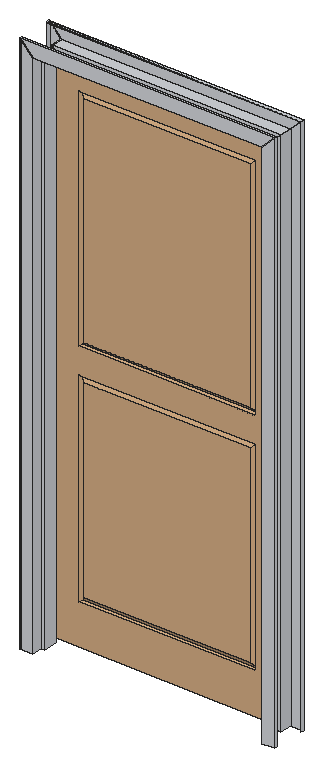
Revit family "Ext-Embossed-Door-WDMF-2-Panel-36 x 84", category Doors, host Wall, Revit 2014
Parameters (values of type "Ext-E-WDMF-2-Panel-36" x 84"")
  Width = Door Panel Width  # 3' - 0"
  Wall Thickness [instance] = 0' - 5 3/4"
  URL = ""
  Type Comments = "EXT,"
  Thickness = 0' - 1 3/4"
  Swing Angle [instance] = 90.00°
  SDI RO Spacing = 0' - 0"
  SDI Panel 1 Width = Leaf Width + 0' 0 3/16"  # 3' - 0"
  SDI No Panels = ""
  SDI HW Set [instance] = ""
  SDI HW Item LO-2 [instance] = ""
  SDI HW Item LO-1 [instance] = ""
  SDI HW Item KP-2 [instance] = ""
  SDI HW Item KP-1 [instance] = ""
  SDI HW Item HI-2 [instance] = ""
  SDI HW Item HI-1 [instance] = ""
  SDI HW Item HC-2 [instance] = ""
  SDI HW Item HC-1 [instance] = ""
  SDI HW Item ED-2 [instance] = ""
  SDI HW Item ED-1 [instance] = ""
  SDI HW Item DO-2 [instance] = ""
  SDI HW Item DO-1 [instance] = ""
  SDI HW Item CL-2 [instance] = ""
  SDI HW Item CL-1 [instance] = ""
  SDI Glass Material = Glass
  SDI Frame Type = "3 Piece"
  SDI Frame Material Type = "Hollow Metal"
  SDI Frame Material = Paint - Generic - Prime
  SDI Frame Manufacturer = ""
  SDI Frame Jamb Width = 0' - 2"
  SDI Frame Head Width = 0' - 2"
  SDI Frame Finish Type = "Painted"
  SDI Frame Finish Color = "Prime"
  SDI Frame Depth [instance] = 0' - 5 3/4"
  SDI Family Version = "1.0"
  SDI Door Top Rail Width = 0' - 7 3/4"
  SDI Door Stile Width = 0' - 6"
  SDI Door Panel Type = "N"
  SDI Door Material Type = "Hollow Metal"
  SDI Door Material = Stain - SRO - Red Oak 100 Clear
  SDI Door Manufacturer = ""
  SDI Door Glass Type = "1/4\" Tempered"
  SDI Door Finish Type = "Painted"
  SDI Door Finish Color = "Prime"
  SDI Door Configuration = "SG"
  SDI Door Bottom Rail Width = 5' - 0"
  SDI Arch Frame Type [instance] = ""
  SDI Arch Frame Material Type [instance] = "HM"
  SDI Arch Door Panel Type [instance] = "N"
  SDI Arch Door Material Type [instance] = "HM"
  Rough Width = Frame Width - 0' 0" + 2 * SDI RO Spacing  # 3' - 4"
  Rough Height = Frame Height - 0' 0" + SDI RO Spacing  # 7' - 2"
  R1 Height = 7' - 0"
  P1 Width = 3' - 2"
  Model = "Ext-E-WDMF-2-Panel-36\" x 84\""
  Manufacturer = ""
  Leaf Width = P1 Width - 0' 2 3/16"  # 2' - 11 13/16"
  Height = Door Panel Height  # 7' - 0"
  Glass Offset [instance] = 0' 2 1/16" + (SDI Frame Depth - 0' 5 3/4") / 2  # 0' - 2 1/16"
  Function = Exterior
  Frame Width = P1 Width + 0' 2"  # 3' - 4"
  Frame Offset [instance] = if(Aligned Exterior, SDI Frame Depth / 2, if(Aligned Center, Wall Thickness / 2, if(Aligned Interior, Wall Thickness - SDI Frame Depth + SDI Frame Depth / 2, Aligned Other)))  # 0' - 2 7/8"
  Frame Height = R1 Height + 0' 2"  # 7' - 2"
  Fire Rating = ""
  Exterior Glazing [instance] = no
  Door Panel Width = P1 Width - 0' 2"  # 3' - 0"
  Door Panel Height = R1 Height + 0' 2" - (0' 2")  # 7' - 0"
  Door Offset [instance] = 0' 2 13/16" + (SDI Frame Depth - 0' 5 3/4") / 2  # 0' - 2 13/16"
  Description = "Wood Door with Hollow Metal Frame 2 Panel"
  Cost = 0
  Assembly Code = "B2030120"
  Analytic Construction = "<None>"
  Aligned Other [instance] = 0' - 0"
  Aligned Interior [instance] = no
  Aligned Exterior [instance] = yes
  Aligned Center [instance] = no
  ADA Clearance Lines = no
Reference planes (in)
  plane 1: y = 0
  plane 2 "Center (Left/Right)": x = 0
  plane 3 "Wall Edge": y = 2.875
  plane 4 "Wall Interior": y = -2.875
  plane 5 "ModelRefLevel": z = 0
  plane 6 "FrameDepthPlane": y = 0
  plane 7 "FrameFront": y = 2.875
  plane 8 "FrameBack": y = -2.875
  plane 9 "V0": x = 19
  plane 10 "V1": x = -19
  plane 11 "H0": z = 1
  plane 12 "H1": z = 85
  plane 13 "DoorLeft": x = 18
  plane 14 "DoorRight": x = -18
  plane 15 "DoorCenter": x = 0
  plane 16 "DoorTop": z = 83.875
  plane 17 "DoorCenterTB": z = 41.9375
  plane 18 "DoorExtFace": y = 2.8125
  plane 19 "DoorGlassFace": y = 2.0625
  plane 20 "LockCenterLine": z = 32.5625
  plane 21 "DoorExtFace1": y = 2.0625
  plane 22 "GlassRight1": x = -11.90625
  plane 23 "ActDoorLeft": x = 17.90625
  plane 24 "SwingClrPlane": y = 62.875
  plane 25 "SwingPartialPlane": y = 50.875
  plane 26: x = -7.90625
  plane 27: x = -11.90625
  plane 28: z = 76.125
  plane 29: z = 51.125
  plane 30: z = 79
  plane 31: z = 7
  plane 32: z = 39
  plane 33: x = 13.90625
  plane 34: x = -13.90625
  plane 35: z = 43
  plane 36: z = 43
Forms (in)
  Extrusion 1, solid
    sketch origin (138.6875, 0, 43) x (-1, 0, 0) y (0, -1, 0)
      loop
        line (118.6875, -2.375) -> (118.6875, -2.875) -> (120.6875, -2.875) -> (120.6875, -0.9375) -> (121.3125, -0.9375) -> (121.3125, 1.3125) -> (120.6875, 1.3125) -> (120.6875, 2.875) -> (118.6875, 2.875) -> (118.6875, 2.4375) -> (118.75, 2.4375) -> (118.75, 2.8125) -> (120.625, 2.8125) -> (120.625, 1.25) -> (121.25, 1.25) -> (121.25, -0.875) -> (120.625, -0.875) -> (120.625, -2.8125) -> (118.75, -2.8125) -> (118.75, -2.375) -> (118.6875, -2.375)
    from -43 to 43
  Extrusion 2, void
    sketch origin (0, 2.875, 0) x (1, 0, 0) y (0, 0, 1)
      loop
        line (20, 86) -> (17.375, 86) -> (17.375, 83.375) -> (20, 86)
    from -12 to 12
  Extrusion 3, solid
    sketch origin (101.3125, 0, 43) x (-1, 0, 0) y (0, -1, 0)
      loop
        line (121.25, -2.375) -> (121.25, -2.8125) -> (119.375, -2.8125) -> (119.375, -0.875) -> (118.75, -0.875) -> (118.75, 1.25) -> (119.375, 1.25) -> (119.375, 2.8125) -> (121.25, 2.8125) -> (121.25, 2.4375) -> (121.3125, 2.4375) -> (121.3125, 2.875) -> (119.3125, 2.875) -> (119.3125, 1.3125) -> (118.6875, 1.3125) -> (118.6875, -0.9375) -> (119.3125, -0.9375) -> (119.3125, -2.875) -> (121.3125, -2.875) -> (121.3125, -2.375) -> (121.25, -2.375)
    from -43 to 43
  Extrusion 4, void
    sketch origin (0, 2.875, 0) x (1, 0, 0) y (0, 0, 1)
      loop
        line (-20, 86) -> (-17.375, 83.375) -> (-17.375, 86) -> (-20, 86)
    from -12 to 12
  Extrusion 5, solid
    sketch origin (0, 0, 84.6875) x (0, 1, 0) y (0, 0, 1)
      loop
        line (2.375, 1.25) -> (2.8125, 1.25) -> (2.8125, -0.625) -> (0.875, -0.625) -> (0.875, -1.25) -> (-1.25, -1.25) -> (-1.25, -0.625) -> (-2.8125, -0.625) -> (-2.8125, 1.25) -> (-2.4375, 1.25) -> (-2.4375, 1.3125) -> (-2.875, 1.3125) -> (-2.875, -0.6875) -> (-1.3125, -0.6875) -> (-1.3125, -1.3125) -> (0.9375, -1.3125) -> (0.9375, -0.6875) -> (2.875, -0.6875) -> (2.875, 1.3125) -> (2.375, 1.3125) -> (2.375, 1.25)
    from -20 to 20
  Extrusion 6, void
    sketch origin (0, 2.875, 0) x (1, 0, 0) y (0, 0, 1)
      loop
        line (-20, 86) -> (-20, 83.375) -> (-17.375, 83.375) -> (-20, 86)
    from -12 to 12
  Extrusion 7, void
    sketch origin (0, 2.875, 0) x (1, 0, 0) y (0, 0, 1)
      loop
        line (20, 86) -> (17.375, 83.375) -> (20, 83.375) -> (20, 86)
    from -12 to 12
  Extrusion 8, solid, material "Stain - SRO - Red Oak 100 Clear" <- "SDI Door Material"
    sketch origin (-60, 2.8125, -12) x (1, 0, 0) y (0, 0, 1)
      loop
        line (77.90625, 12.625) -> (77.90625, 95.875) -> (42.09375, 95.875) -> (42.09375, 12.625) -> (77.90625, 12.625)
    from 0 to 1.75
  Sweep 9, void
    path origin (0, 2.875, 0) x (1, 0, 0) y (0, 0, 1)
      loop
        line (13.90625, 79) -> (-13.90625, 79) -> (-13.90625, 43) -> (13.90625, 43) -> (13.90625, 79)
    profile origin (13.90625, 2.875, 61) x (0, -1, 0) y (1, 0, 0)
      loop
        line (0, 0) -> (0, -0.92134) -> (0.5, -0.23315) -> (0, 0)
      loop
        line (1.875, 0) -> (1.375, -0.23315) -> (1.875, -0.92134) -> (1.875, 0)
  Sweep 10, void
    path origin (0, 2.875, 0) x (1, 0, 0) y (0, 0, 1)
      loop
        line (13.90625, 39) -> (-13.90625, 39) -> (-13.90625, 7) -> (13.90625, 7) -> (13.90625, 39)
    profile origin (13.90625, 2.875, 23) x (0, -1, 0) y (1, 0, 0)
      loop
        line (0, 0) -> (0, -0.92134) -> (0.5, -0.23315) -> (0, 0)
      loop
        line (1.875, 0) -> (1.375, -0.23315) -> (1.875, -0.92134) -> (1.875, 0)
Cuts and joins
  Extrusion 2 cuts Extrusion 1
  Extrusion 4 cuts Extrusion 3
  Extrusion 6, Extrusion 7 cuts Extrusion 5
  Sweep 9, Sweep 10 cuts Extrusion 8
Lines and regions (in)
  Opening 1
    outline origin (-60, -2.875, 0) x (1, 0, 0) y (0, 0, 1)
      loop
        line (80, 0) -> (80, 86) -> (40, 86) -> (40, 0) -> (80, 0)
  symbolic lines, style "DoorsFrameMullionProjection", detail levels fine
    curve 1: line (20, 2.375, 0) -> (20, 2.875, 0)
    curve 2: line (20, 2.875, 0) -> (18, 2.875, 0)
    curve 3: line (18, 2.875, 0) -> (18, 0.9375, 0)
    curve 4: line (18, 0.9375, 0) -> (17.375, 0.9375, 0)
    curve 5: line (17.375, 0.9375, 0) -> (17.375, -1.3125, 0)
    curve 6: line (17.375, -1.3125, 0) -> (18, -1.3125, 0)
    curve 7: line (18, -1.3125, 0) -> (18, -2.875, 0)
    curve 8: line (18, -2.875, 0) -> (20, -2.875, 0)
    curve 9: line (20, -2.875, 0) -> (20, -2.4375, 0)
    curve 10: line (20, -2.4375, 0) -> (19.9375, -2.4375, 0)
    curve 11: line (19.9375, -2.4375, 0) -> (19.9375, -2.8125, 0)
    curve 12: line (19.9375, -2.8125, 0) -> (18.0625, -2.8125, 0)
    curve 13: line (18.0625, -2.8125, 0) -> (18.0625, -1.25, 0)
    curve 14: line (18.0625, -1.25, 0) -> (17.4375, -1.25, 0)
    curve 15: line (17.4375, -1.25, 0) -> (17.4375, 0.875, 0)
    curve 16: line (17.4375, 0.875, 0) -> (18.0625, 0.875, 0)
    curve 17: line (18.0625, 0.875, 0) -> (18.0625, 2.8125, 0)
    curve 18: line (18.0625, 2.8125, 0) -> (19.9375, 2.8125, 0)
    curve 19: line (19.9375, 2.8125, 0) -> (19.9375, 2.375, 0)
    curve 20: line (19.9375, 2.375, 0) -> (20, 2.375, 0)
    curve 25: line (-19.9375, 2.375, 0) -> (-19.9375, 2.8125, 0)
    curve 26: line (-19.9375, 2.8125, 0) -> (-18.0625, 2.8125, 0)
    curve 27: line (-18.0625, 2.8125, 0) -> (-18.0625, 0.875, 0)
    curve 28: line (-18.0625, 0.875, 0) -> (-17.4375, 0.875, 0)
    curve 29: line (-17.4375, 0.875, 0) -> (-17.4375, -1.25, 0)
    curve 30: line (-17.4375, -1.25, 0) -> (-18.0625, -1.25, 0)
    curve 31: line (-18.0625, -1.25, 0) -> (-18.0625, -2.8125, 0)
    curve 32: line (-18.0625, -2.8125, 0) -> (-19.9375, -2.8125, 0)
    curve 33: line (-19.9375, -2.8125, 0) -> (-19.9375, -2.4375, 0)
    curve 34: line (-19.9375, -2.4375, 0) -> (-20, -2.4375, 0)
    curve 35: line (-20, -2.4375, 0) -> (-20, -2.875, 0)
    curve 36: line (-20, -2.875, 0) -> (-18, -2.875, 0)
    curve 37: line (-18, -2.875, 0) -> (-18, -1.3125, 0)
    curve 38: line (-18, -1.3125, 0) -> (-17.375, -1.3125, 0)
    curve 39: line (-17.375, -1.3125, 0) -> (-17.375, 0.9375, 0)
    curve 40: line (-17.375, 0.9375, 0) -> (-18, 0.9375, 0)
    curve 41: line (-18, 0.9375, 0) -> (-18, 2.875, 0)
    curve 42: line (-18, 2.875, 0) -> (-20, 2.875, 0)
    curve 43: line (-20, 2.875, 0) -> (-20, 2.375, 0)
    curve 44: line (-20, 2.375, 0) -> (-19.9375, 2.375, 0)
  symbolic lines, style "DoorsFrameMullionProjection", detail levels coarse+medium
    curve 21: line (18, -2.875, 0) -> (20, -2.875, 0)
    curve 22: line (18, 2.875, 0) -> (20, 2.875, 0)
    curve 23: line (18, -2.875, 0) -> (18, 2.875, 0)
    curve 24: line (20, -2.875, 0) -> (20, 2.875, 0)
    curve 45: line (-20, -2.875, 0) -> (-18, -2.875, 0)
    curve 46: line (-20, 2.875, 0) -> (-18, 2.875, 0)
    curve 47: line (-20, -2.875, 0) -> (-20, 2.875, 0)
    curve 48: line (-18, -2.875, 0) -> (-18, 2.875, 0)
  symbolic lines, style "Elevation Swing"
    curve 49: line (-17.90625, 2.875, 83.875) -> (17.90625, 2.875, 41.9375)
    curve 50: line (-17.90625, 2.875, 0) -> (17.90625, 2.875, 41.9375)
  symbolic lines, style "ADA Clearance", visible <- "ADA Clearance Lines"
    curve 51: line (20, 2.875, 0) -> (20, 62.875, 0)
    curve 52: line (-36, 62.875, 0) -> (20, 62.875, 0)
    curve 53: line (-36, 50.875, 0) -> (20, 50.875, 0)
    curve 54: line (-36, 2.875, 0) -> (-36, 62.875, 0)
    curve 55: line (20, -2.875, 0) -> (20, -50.875, 0)
    curve 56: line (-30, -50.875, 0) -> (20, -50.875, 0)
    curve 57: line (-30, -2.875, 0) -> (-30, -50.875, 0)
Text (in)
  text "Placement Side" at (0, 40.15149, 123.01588), in view "Right"
  text "Placement Side" at (-70.3804, 28.46503, 0), in view "Ref. Level"
  text "Placement Side" at (0, 81.62555, 140.59947), in view "Left"
Dimensions and locks (in)
  locked: plane 3 "Wall Edge" to host wall
  equal spacing: host wall, plane 2 "Center (Left/Right)", host wall
  "Rough Width": host wall to host wall
  "Rough Height": level to host wall
  equal spacing: plane 3 "Wall Edge", plane 1, plane 4 "Wall Interior"
  "Wall Thickness": host wall to host wall
  "Frame Offset": plane 3 "Wall Edge" to plane 6 "FrameDepthPlane"
  equal spacing: plane 7 "FrameFront", plane 6 "FrameDepthPlane", plane 8 "FrameBack"
  "SDI Frame Depth": plane 7 "FrameFront" to plane 8 "FrameBack"
  equal spacing: plane 9 "V0", plane 2 "Center (Left/Right)", plane 10 "V1"
  "P1 Width": plane 9 "V0" to plane 10 "V1"
  "R1 Height": plane 11 "H0" to plane 12 "H1"
  locked: plane 12 "H1" to Extrusion 1 at 1
  locked: plane 11 "H0" to Extrusion 1 at 1
  locked: plane 9 "V0" to Extrusion 1 at 1  (x4)
  locked: plane 9 "V0" to Extrusion 1 at 0.9375  (x5)
  locked: plane 9 "V0" to Extrusion 1 at 1.5625
  locked: plane 9 "V0" to Extrusion 1 at 1.625
  locked: plane 12 "H1" to Extrusion 3 at 1
  locked: plane 11 "H0" to Extrusion 3 at 1
  locked: plane 10 "V1" to Extrusion 3 at 0.9375  (x4)
  locked: plane 10 "V1" to Extrusion 3 at 1  (x5)
  locked: plane 10 "V1" to Extrusion 3 at 1.625
  locked: plane 10 "V1" to Extrusion 3 at 1.5625
  locked: plane 9 "V0" to Extrusion 5 at 1
  locked: plane 10 "V1" to Extrusion 5 at 1
  locked: plane 12 "H1" to Extrusion 5 at 0.9375  (x5)
  locked: plane 12 "H1" to Extrusion 5 at 1.5625
  locked: plane 12 "H1" to Extrusion 5 at 1  (x4)
  locked: plane 12 "H1" to Extrusion 5 at 1.625
  locked: plane 7 "FrameFront" to cut or joined group of Extrusion 1, Extrusion 2 at 1.9375
  locked: plane 7 "FrameFront" to cut or joined group of Extrusion 1, Extrusion 2 at 2
  locked: plane 7 "FrameFront" to cut or joined group of Extrusion 1, Extrusion 2 at 0.0625
  locked: plane 7 "FrameFront" to cut or joined group of Extrusion 1, Extrusion 2 at 0.5
  locked: plane 8 "FrameBack" to cut or joined group of Extrusion 1, Extrusion 2 at 1.5625
  locked: plane 8 "FrameBack" to cut or joined group of Extrusion 1, Extrusion 2 at 0.4375
  locked: plane 8 "FrameBack" to cut or joined group of Extrusion 1, Extrusion 2 at 0.0625
  locked: plane 8 "FrameBack" to cut or joined group of Extrusion 1, Extrusion 2 at 1.625
  locked: plane 7 "FrameFront" to cut or joined group of Extrusion 3, Extrusion 4 at 0.0625
  locked: plane 7 "FrameFront" to cut or joined group of Extrusion 3, Extrusion 4 at 2
  locked: plane 7 "FrameFront" to cut or joined group of Extrusion 3, Extrusion 4 at 1.9375
  locked: plane 7 "FrameFront" to cut or joined group of Extrusion 3, Extrusion 4 at 0.5
  locked: plane 8 "FrameBack" to cut or joined group of Extrusion 3, Extrusion 4 at 1.625
  locked: plane 8 "FrameBack" to cut or joined group of Extrusion 3, Extrusion 4 at 0.0625
  locked: plane 8 "FrameBack" to cut or joined group of Extrusion 3, Extrusion 4 at 0.4375
  locked: plane 8 "FrameBack" to cut or joined group of Extrusion 3, Extrusion 4 at 1.5625
  locked: plane 7 "FrameFront" to cut or joined group of Extrusion 5, Extrusion 6, Extrusion 7 at 0.0625
  locked: plane 7 "FrameFront" to cut or joined group of Extrusion 5, Extrusion 6, Extrusion 7 at 2
  locked: plane 7 "FrameFront" to cut or joined group of Extrusion 5, Extrusion 6, Extrusion 7 at 1.9375
  locked: plane 7 "FrameFront" to cut or joined group of Extrusion 5, Extrusion 6, Extrusion 7 at 0.5
  locked: plane 8 "FrameBack" to cut or joined group of Extrusion 5, Extrusion 6, Extrusion 7 at 1.625
  locked: plane 8 "FrameBack" to cut or joined group of Extrusion 5, Extrusion 6, Extrusion 7 at 0.0625
  locked: plane 8 "FrameBack" to cut or joined group of Extrusion 5, Extrusion 6, Extrusion 7 at 0.4375
  locked: plane 8 "FrameBack" to cut or joined group of Extrusion 5, Extrusion 6, Extrusion 7 at 1.5625
  locked: plane 7 "FrameFront" to curve 4 at 1.9375
  locked: plane 7 "FrameFront" to curve 16 at 2
  locked: plane 7 "FrameFront" to curve 18 at 0.0625
  locked: plane 7 "FrameFront" to curve 20 at 0.5
  locked: plane 7 "FrameFront" to curve 26 at 0.0625
  locked: plane 7 "FrameFront" to curve 28 at 2
  locked: plane 7 "FrameFront" to curve 40 at 1.9375
  locked: plane 7 "FrameFront" to curve 44 at 0.5
  locked: plane 8 "FrameBack" to curve 6 at 1.5625
  locked: plane 8 "FrameBack" to curve 10 at 0.4375
  locked: plane 8 "FrameBack" to curve 12 at 0.0625
  locked: plane 8 "FrameBack" to curve 14 at 1.625
  locked: plane 8 "FrameBack" to curve 30 at 1.625
  locked: plane 8 "FrameBack" to curve 32 at 0.0625
  locked: plane 8 "FrameBack" to curve 34 at 0.4375
  locked: plane 8 "FrameBack" to curve 38 at 1.5625
  locked: plane 9 "V0" to plane 13 "DoorLeft" at 1
  locked: plane 10 "V1" to plane 14 "DoorRight" at 1
  locked: plane 12 "H1" to plane 16 "DoorTop" at 1.125
  equal spacing: plane 16 "DoorTop", plane 17 "DoorCenterTB", plane 5 "ModelRefLevel"
  "Door Offset": plane 6 "FrameDepthPlane" to plane 18 "DoorExtFace"
  "Glass Offset": plane 6 "FrameDepthPlane" to plane 19 "DoorGlassFace"
  plane 20 "LockCenterLine" to plane 5 "ModelRefLevel" = 2' - 8 9/16"
  locked: Extrusion 8 to Extrusion 8 at 1.75
  locked: plane 6 "FrameDepthPlane" to plane 21 "DoorExtFace1" at 2.0625
  locked: plane 14 "DoorRight" to plane 22 "GlassRight1" at 6.09375
  locked: plane 13 "DoorLeft" to Extrusion 8 at 0.09375
  locked: plane 14 "DoorRight" to Extrusion 8 at 0.09375
  locked: plane 5 "ModelRefLevel" to Extrusion 8 at 0.625
  locked: plane 13 "DoorLeft" to plane 23 "ActDoorLeft" at 0.09375
  locked: plane 3 "Wall Edge" to plane 24 "SwingClrPlane" at 60
  locked: plane 3 "Wall Edge" to plane 25 "SwingPartialPlane" at 48
  locked: plane 27 to plane 14 "DoorRight" at 6.09375
  plane 26 to plane 27 = 0' - 4"
  locked: plane 29 to plane 28 at 25
  locked: plane 28 to plane 12 "H1" at 8.875
  locked: plane 30 to plane 12 "H1" at 6
  locked: plane 11 "H0" to plane 31 at 6
  locked: plane 23 "ActDoorLeft" to plane 33 at 4
  locked: plane 34 to plane 14 "DoorRight" at 4.09375
  plane 32 to plane 35 = 0' - 4"
  equal spacing: plane 31, plane 36, plane 30
  locked: plane 35 to plane 36 at 0
  aligned and locked: plane 4 "Wall Interior" to host wall
  aligned and locked: cut or joined group of Extrusion 1, Extrusion 2 to plane 7 "FrameFront"
  aligned and locked: plane 8 "FrameBack" to cut or joined group of Extrusion 1, Extrusion 2
  aligned and locked: cut or joined group of Extrusion 3, Extrusion 4 to plane 7 "FrameFront"
  aligned and locked: plane 8 "FrameBack" to cut or joined group of Extrusion 3, Extrusion 4
  aligned and locked: cut or joined group of Extrusion 5, Extrusion 6, Extrusion 7 to plane 7 "FrameFront"
  aligned and locked: plane 8 "FrameBack" to cut or joined group of Extrusion 5, Extrusion 6, Extrusion 7
  aligned and locked: curve 2 to plane 7 "FrameFront"
  aligned and locked: plane 7 "FrameFront" to curve 22
  aligned and locked: curve 42 to plane 7 "FrameFront"
  aligned and locked: plane 7 "FrameFront" to curve 46
  aligned and locked: plane 8 "FrameBack" to curve 8
  aligned and locked: plane 8 "FrameBack" to curve 36
  aligned and locked: Extrusion 8 to plane 18 "DoorExtFace"
  aligned and locked: Extrusion 8 to plane 16 "DoorTop"
  aligned and locked: plane 7 "FrameFront" to nested 1
  aligned and locked: plane 23 "ActDoorLeft" to nested 1
  aligned and locked: plane 24 "SwingClrPlane" to curve 52
  aligned and locked: plane 25 "SwingPartialPlane" to curve 53
  aligned and locked: Sweep 9 sketch curve to plane 30
  aligned and locked: Sweep 9 sketch curve to plane 33
  aligned and locked: Sweep 9 sketch curve to plane 34
  aligned and locked: Sweep 10 sketch curve to plane 31
  aligned and locked: Sweep 10 sketch curve to plane 32
  aligned and locked: Sweep 10 sketch curve to plane 33
  aligned and locked: Sweep 10 sketch curve to plane 34
  aligned and locked: Sweep 9 sketch curve to plane 35
Automatic sketch dimensions
  Opening 1 sketch curve to level = 0' - 0"
  Opening 1 sketch curve to plane 2 "Center (Left/Right)" = 1' - 8"
  plane 2 "Center (Left/Right)" to Opening 1 sketch curve = 1' - 8"
  level to Opening 1 sketch curve = 7' - 2"
  Extrusion 2 sketch curve to plane 9 "V0" = 0' - 1 5/8"
  plane 9 "V0" to Extrusion 2 sketch curve = 0' - 1"
  plane 12 "H1" to Extrusion 2 sketch curve = 0' - 1 5/8"
  Extrusion 2 sketch curve to plane 12 "H1" = 0' - 1"
  Extrusion 1 sketch curve to host wall = 0' - 0"
  host wall to Extrusion 1 sketch curve = 0' - 0"
  Extrusion 1 sketch curve to host wall = 0' - 0 1/2"
  plane 2 "Center (Left/Right)" to Extrusion 1 sketch curve = 1' - 8"  (x2)
  Extrusion 1 sketch curve to host wall = 0' - 0 7/16"
  Extrusion 1 sketch curve to Extrusion 1 sketch curve = 0' - 0 1/16"  (x7)
  plane 2 "Center (Left/Right)" to Extrusion 1 sketch curve = 1' - 6 1/16"  (x2)
  Extrusion 1 sketch curve to host wall = 0' - 0 1/16"  (x2)
  Extrusion 1 sketch curve to Extrusion 1 sketch curve = 0' - 0 9/16"
  Extrusion 1 sketch curve to host wall = 0' - 0 15/16"
  host wall to Extrusion 1 sketch curve = 0' - 1 1/4"
  plane 9 "V0" to curve 1 = 0' - 1"
  curve 6 to curve 5 = 0' - 0 5/8"
  curve 7 to plane 9 "V0" = 0' - 1"
  curve 9 to curve 10 = 0' - 0 1/16"
  curve 12 to curve 7 = 0' - 0 1/16"
  curve 14 to curve 5 = 0' - 0 1/16"
  curve 16 to curve 3 = 0' - 0 1/16"
  curve 1 to curve 18 = 0' - 0 1/16"
  Extrusion 4 sketch curve to plane 10 "V1" = 0' - 1"
  plane 10 "V1" to Extrusion 4 sketch curve = 0' - 1 5/8"
  plane 12 "H1" to Extrusion 4 sketch curve = 0' - 1 5/8"
  Extrusion 4 sketch curve to plane 12 "H1" = 0' - 1"
  host wall to Extrusion 3 sketch curve = 0' - 0"
  Extrusion 3 sketch curve to host wall = 0' - 0"
  Extrusion 3 sketch curve to plane 2 "Center (Left/Right)" = 1' - 5 3/8"
  Extrusion 3 sketch curve to Extrusion 3 sketch curve = 0' - 0 1/16"  (x7)
  Extrusion 3 sketch curve to Extrusion 3 sketch curve = 0' - 0 9/16"  (x2)
  Extrusion 3 sketch curve to host wall = 0' - 0 7/16"
  Extrusion 3 sketch curve to plane 2 "Center (Left/Right)" = 1' - 7 15/16"  (x2)
  Extrusion 3 sketch curve to host wall = 0' - 0 1/2"
  Extrusion 3 sketch curve to host wall = 0' - 0 1/16"  (x2)
  Extrusion 3 sketch curve to host wall = 0' - 0 15/16"
  host wall to Extrusion 3 sketch curve = 0' - 1 1/4"
  plane 10 "V1" to curve 26 = 0' - 0 15/16"
  curve 29 to curve 30 = 0' - 0 5/8"
  curve 32 to plane 10 "V1" = 0' - 0 15/16"
  curve 33 to curve 34 = 0' - 0 1/16"
  curve 36 to curve 31 = 0' - 0 1/16"
  curve 38 to curve 29 = 0' - 0 1/16"
  curve 40 to curve 27 = 0' - 0 1/16"
  curve 25 to curve 42 = 0' - 0 1/16"
  Extrusion 6 sketch curve to plane 10 "V1" = 0' - 1"
  plane 10 "V1" to Extrusion 6 sketch curve = 0' - 1 5/8"
  plane 12 "H1" to Extrusion 6 sketch curve = 0' - 1 5/8"
  Extrusion 6 sketch curve to plane 12 "H1" = 0' - 1"
  Extrusion 7 sketch curve to plane 9 "V0" = 0' - 1 5/8"
  plane 9 "V0" to Extrusion 7 sketch curve = 0' - 1"
  plane 12 "H1" to Extrusion 7 sketch curve = 0' - 1 5/8"
  Extrusion 7 sketch curve to plane 12 "H1" = 0' - 1"
  Extrusion 5 sketch curve to host wall = 0' - 0"  (x2)
  Extrusion 5 sketch curve to host wall = 0' - 0 1/16"  (x2)
  Extrusion 5 sketch curve to Extrusion 5 sketch curve = 0' - 0 3/8"
  host wall to Extrusion 5 sketch curve = 0' - 1 5/16"
  Extrusion 5 sketch curve to Extrusion 5 sketch curve = 0' - 0 1/16"  (x7)
  Extrusion 5 sketch curve to host wall = 0' - 0 7/8"
  Extrusion 5 sketch curve to host wall = 0' - 0 1/2"
  level to Extrusion 5 sketch curve = 6' - 11 3/8"
  Extrusion 5 sketch curve to Extrusion 5 sketch curve = 0' - 0 9/16"  (x2)
  Extrusion 5 sketch curve to plane 11 "H0" = 7' - 0 15/16"  (x2)
  Extrusion 8 sketch curve to plane 16 "DoorTop" = 0' - 0"
  plane 14 "DoorRight" to Extrusion 8 sketch curve = 0' - 0 3/32"
  Extrusion 8 sketch curve to plane 13 "DoorLeft" = 0' - 0 3/32"
  plane 11 "H0" to Extrusion 8 sketch curve = 0' - 0 3/8"
  curve 49 to plane 16 "DoorTop" = 0' - 0"
  curve 49 to plane 17 "DoorCenterTB" = 0' - 0"
  plane 14 "DoorRight" to curve 49 = 0' - 0 3/32"
  curve 50 to level = 0' - 0"
  curve 50 to plane 23 "ActDoorLeft" = 0' - 0"
  plane 14 "DoorRight" to curve 50 = 0' - 0 3/32"
  curve 51 to host wall = 0' - 0"
  plane 9 "V0" to curve 51 = 0' - 1"
  curve 54 to host wall = 0' - 0"
  host wall to curve 55 = 0' - 0"
  plane 9 "V0" to curve 55 = 0' - 1"
  host wall to curve 55 = 4' - 0"
  curve 56 to plane 10 "V1" = 0' - 11"
  host wall to curve 57 = 0' - 0"
  curve 57 to curve 54 = 0' - 6"
  profile plane to Sweep 9 sketch curve = 0' - 0"
  profile plane to Sweep 9 sketch curve = 0' - 0.23315"  (x2)
  profile plane to Sweep 9 sketch curve = 0' - 0 1/2"
  Sweep 9 sketch curve to Sweep 9 sketch curve = 0' - 0 7/8"
  Sweep 9 sketch curve to Sweep 9 sketch curve = 0' - 0 1/2"
  profile plane to Sweep 9 sketch curve = 0' - 0.92134"  (x2)
  Sweep 9 sketch curve to profile plane = 0' - 0"  (x2)
  profile plane to Sweep 10 sketch curve = 0' - 0"
  profile plane to Sweep 10 sketch curve = 0' - 0.23315"  (x2)
  profile plane to Sweep 10 sketch curve = 0' - 0 1/2"
  Sweep 10 sketch curve to Sweep 10 sketch curve = 0' - 0 7/8"
  Sweep 10 sketch curve to Sweep 10 sketch curve = 0' - 0 1/2"
  profile plane to Sweep 10 sketch curve = 0' - 0.92134"  (x2)
  Sweep 10 sketch curve to profile plane = 0' - 0"  (x2)
Nested families (in)
  nested 1: "SingleDoorPlanLines" at (17.90625, 2.875, 0.625), type "SingleDoorPlanLines"
Definition of nested family "SingleDoorPlanLines"
  Parameters (values of type "SingleDoorPlanLines")
    Width = 3' - 0"
    URL = ""
    Thickness = 0' - 1 3/4"
    Analytic Construction = "<None>"
    Swing Angle = 90.00°
  Reference planes (in)
    plane 1 "Front": y = 0
    plane 2: z = 0
    plane 3 "Right": x = 0
    plane 4 "Left": x = -36
  Lines and regions (in)
    symbolic lines, style "DoorsPanelProjection"
      curve 1: line (0, 0, 0) -> (0, 36, 0)
      curve 2: line (0, 36, 0) -> (-1.75, 36, 0)
      curve 3: line (-1.75, 36, 0) -> (-1.75, 0, 0)
      curve 4: line (-1.75, 0, 0) -> (0, 0, 0)
    model lines, style "InvisibleLines", not visible
      curve 5: line (0, 0, 0) -> (-38.99851, -0.34033, 0)
    symbolic lines, style "Plan Swing"
      curve 6: arc (-35.99863, -0.31416, 0) -> (-25.56667, 25.34453, 0) -> (0, 36, 0) r 36
  Dimensions and locks (in)
    "Thickness": curve 3 to curve 1
    "Width": curve 2 to curve 4
    "Width": plane 4 "Left" to plane 3 "Right"
    "Swing Angle": angle curve 1 to plane 1 "Front"
    locked: plane 1 "Front" to curve 5 (angle 0.50°)
  Automatic sketch dimensions
    curve 6 to plane 1 "Front" = 0' - 0"
    curve 6 to plane 3 "Right" = 0' - 0"
    curve 4 to plane 1 "Front" = 0' - 0"
    curve 4 to plane 3 "Right" = 0' - 0"
